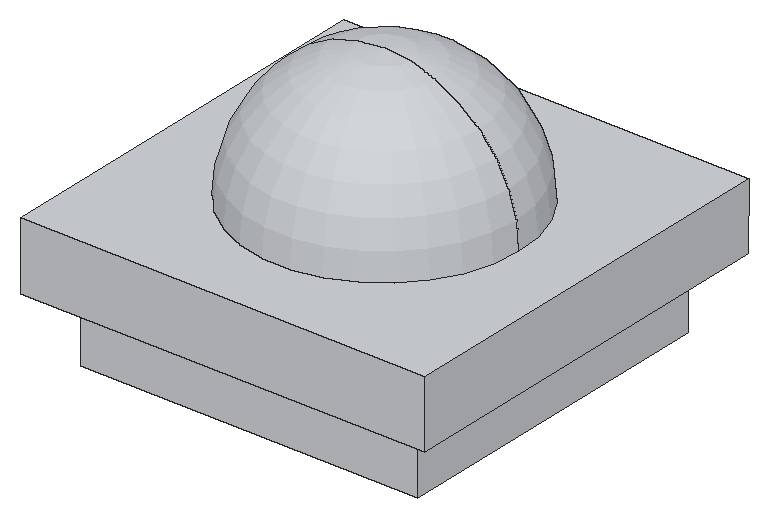
Revit family "Button for Buzzer", category Communication Devices, host Face, Revit 2025
Family settings
  Host = Face
  Round Connector Dimension = Use Diameter
  Part Type = Normal
  Cut with Voids When Loaded = No
  Maintain Annotation Orientation = Yes
  Shared = No
  Room Calculation Point = No
Parameters (values of type "Wall Mounted")
  Width = 3"
  Wall Mounted = not(Face Mounted)  # yes
  Symbol Distance [instance] = 0"
  Rotate Symbol [instance] = no
  Height = 3"
  Face Mounted = no
  Depth = 1/2"
  Default Elevation = 48"
  Back Width = Width - Back Margin  # 2 1/2"
  Back Margin = 1/2"
  Back Height = Height - Back Margin  # 2 1/2"
Types (2): name | Wall Mounted | Face Mounted
  Face Mounted | no | yes
  Wall Mounted | yes | no
Reference planes (in)
  plane 1 "Center (Front/Back)": y = 0
  plane 2: z = 0
  plane 3 "Center (Left/Right)": x = 0
  plane 4: z = 0.5
Forms (in)
  Extrusion 1, solid, detail levels medium+fine
    sketch origin (0, 0, -0.5) x (-1, 0, 0) y (0, -1, 0)
      loop
        line (1.5, -1.5) -> (1.5, 1.5) -> (-1.5, 1.5) -> (-1.5, -1.5) -> (1.5, -1.5)
    from 0.5 to 1
  Revolve 2, solid
    sketch origin (0, 0, 0) x (1, 0, 0) y (0, 0, 1)
      loop
        line (0, 0.5) -> (1, 0.5)
        arc (1, 0.5) -> (0.70711, 1.20711) -> (0, 1.5) r 1
        line (0, 1.5) -> (0, 0.5)
      axis (0, 1.5) -> (0, 0.5)
    angle from 0 to 360
  Extrusion 3, solid
    sketch origin (0, 0, 0) x (1, 0, 0) y (0, 1, 0)
      loop
        line (-1.25, 1.25) -> (-1.25, -1.25) -> (1.25, -1.25) -> (1.25, 1.25) -> (-1.25, 1.25)
    from 0 to -0.5
Dimensions and locks (in)
  equal spacing: Extrusion 1 sketch curve, plane 3 "Center (Left/Right)", Extrusion 1 sketch curve
  "Width": Extrusion 1 sketch curve to Extrusion 1 sketch curve
  "Height": Extrusion 1 sketch curve to Extrusion 1 sketch curve
  equal spacing: Extrusion 1 sketch curve, plane 1 "Center (Front/Back)", Extrusion 1 sketch curve
  "Depth": plane 4 to plane 2
  equal spacing: Extrusion 3 sketch curve, plane 3 "Center (Left/Right)", Extrusion 3 sketch curve
  equal spacing: Extrusion 3 sketch curve, plane 1 "Center (Front/Back)", Extrusion 3 sketch curve
  "Back Height": Extrusion 3 sketch curve to Extrusion 3 sketch curve
  "Back Width": Extrusion 3 sketch curve to Extrusion 3 sketch curve
  aligned and locked: plane 2 to host face
  aligned and locked: level to host face
  aligned and locked: plane 4 to Extrusion 1
  aligned and locked: Extrusion 1 to level
Automatic sketch dimensions
  host sketch curve to host sketch curve = 96"  (x2)
  Revolve 2 sketch curve to plane 3 "Center (Left/Right)" = 0"  (x2)
  Revolve 2 sketch curve to plane 4 = 0"
  plane 3 "Center (Left/Right)" to Revolve 2 sketch curve = 1"
  Revolve 2 sketch curve to Revolve 2 sketch curve = 0.24195"
  Revolve 2 sketch curve to Revolve 2 sketch curve = 0.64345"
Nested families (in)
  nested 1: "Face Mounted" at (0, 0, 0), visible <- "Face Mounted", type "Standard"
  nested 2: "Wall Mounted" at (0, 0, 0), visible <- "Wall Mounted", type "Standard"
Connectors (in)
  electrical at (0, 0, 0.5)
    settings: on Extrusion 1, index 1, voltage 0 V, apparent load 0 VA, apparent load phase1 0 VA, apparent load phase2 0 VA, apparent load phase3 0 VA, power factor 1, load classification "Other", number of poles 1, system type 31, power factor state 1, is connector primary yes, connector utility no, sub classification motor no, connector description ""
Definition of nested family "Face Mounted"
  Parameters (values of type "Standard")
    Rotate = yes
    Not Rotate = not(Rotate)  # no
  Reference planes (in)
    plane 1: y = 0
    plane 2: x = 0
  Lines and regions (in)
    detail lines
      curve 1: circle (0, 0, 0) r 0.125 normal (0, 0, 1)
  Text (in)
    text "B" at (-0.05496, 0.09824, 0), visible <- "Not Rotate"
    text "B" at (0.10252, 0.06825, 0), visible <- "Rotate"
Definition of nested family "Wall Mounted"
  Parameters (values of type "Standard")
    Symbol Distance = 0"
    Rotate = no
    Not Rotate = not(Rotate)  # yes
  Reference planes (in)
    plane 1: y = 0
    plane 2: x = 0
  Lines and regions (in)
    detail lines
      curve 1: circle (0, 0.125, 0) r 0.125 normal (0, 0, 1)
    reference lines
      curve 2: line (-0.1189, 0, 0) -> (0.1311, 0, 0)
    detail lines, not visible
      curve 3: circle (0, 0.125, 0) r 0.125 normal (0, 0, 1)
    reference lines, not visible
      curve 4: line (-0.1189, 0, 0) -> (0.1311, 0, 0)
  Text (in)
    text "B" at (-0.05496, 0.21933, 0), visible <- "Not Rotate"
    text "B" at (-0.05496, 0.21933, 0), not visible
    text "B" at (0.10643, 0.18935, 0), visible <- "Rotate"
    text "B" at (0.10643, 0.18935, 0), not visible
  Dimensions and locks (in)
    "Symbol Distance": plane 1 to curve 2
